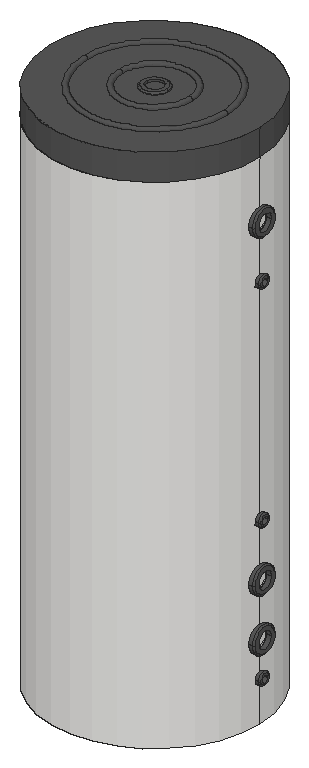
Revit family "S-tank_ET", category Оборудование, Revit 2019
Family settings
  Размер круглого соединителя = Использовать диаметр
  Классификация = Нет
  Тип детали = Нормальный
  На основе рабочей плоскости = Нет
  Всегда вертикально = Да
  При загрузке вырезать с полостями = Нет
  Общий = Нет
  Точка расчета площади = Нет
Parameters (values of type "ET300")
  Разработка семейств = ""
  Диаметрсизоляцией = 630 mm
  shrf = 17.5 mm
  rd [instance] = Диаметрсизоляцией / 2  # 315 mm
  a = Диаметрсизоляцией / 6  # 105 mm
  I = 1350 mm
  H = 1600 mm
  E = 1190 mm
  DN2 = 15 mm
  DN1 = 40 mm
  D = 550 mm
  C = 390 mm
  B = 230 mm
  ADSK_Примечание [instance] = ""
  ADSK_Позиция [instance] = ""
  ADSK_Обозначение = "ET300"
  ADSK_Наименование краткое [instance] = "БE"
  ADSK_Наименование = "Буферная емкость"
  ADSK_Масса_Текст [instance] = ""
  ADSK_Масса = 65
  ADSK_Марка = "ET 300"
  ADSK_Количество [instance] = 1  # constant formula
  ADSK_Код изделия = "1.2001"
  ADSK_Завод-изготовитель = "ООО “С-ТЭНК ВОТЕР ХИТЕРС”"
  ADSK_Единица измерения = "шт."  # constant formula
  ADSK_Группирование = "Оборудование"
  ADSK_URL документации изделия = "http://s-tank.ru/et/"
  A = 125 mm
Types (9, lengths in mm): name | Диаметрсизоляцией | rd | a | I | H | E | D | C | B | ADSK_Обозначение | ADSK_Масса | ADSK_Марка | ADSK_Код изделия | A
  ET300 | 630 | 315 | 105 | 1350 | 1600 | 1190 | 550 | 390 | 230 | "ET300" | 65 | "ET 300" | "1.2001" | 125
  ET500 | 780 | 390 | 130 | 1345 | 1605 | 1185 | 545 | 385 | 225 | "ET500" | 87 | "ET 500" | "1.2002" | 122
  ET750 | 920 | 460 | 153.333 | 1335 | 1630 | 1175 | 535 | 375 | 215 | "ET750" | 103 | "ET 750" | "1.2003" | 117
  ET1000 | 920 | 460 | 153.333 | 1920 | 2205 | 1675 | 695 | 450 | 205 | "ET1000" | 131 | "ET 1000" | "1.2004" | 117
  ET1200 | 1070 | 535 | 178.333 | 1665 | 2080 | 1475 | 645 | 455 | 265 | "ET1200" | 174 | "ET 1200" | "1.2005" | 177
  ET1500 | 1070 | 535 | 178.333 | 2015 | 2370 | 1775 | 745 | 505 | 265 | "ET1500" | 200 | "ET 1500" | "1.2006" | 177
  ET2000 | 1350 | 675 | 225 | 1750 | 2100 | 1560 | 730 | 540 | 350 | "ET2000" | 246 | "ET 2000" | "1.2007" | 250
  ET3000 | 1630 | 815 | 271.667 | 1865 | 2315 | 1675 | 845 | 655 | 465 | "ET3000" | 450 | "ET 3000" | "1.2008" | 332
  ET5000 | 1630 | 815 | 271.667 | 2615 | 2315 | 2315 | 1065 | 765 | 465 | "ET5000" | 615 | "ET 5000" | "1.2009" | 332
Reference planes
  plane 1 "По центру (Вперед/Назад)": y = 0
  plane 2: z = 0
  plane 3 "По центру (Влево/Вправо)": x = 0
  plane 4: z = 125
  plane 5: z = 230
  plane 6: z = 390
  plane 7: z = 550
  plane 8: z = 1600
  plane 9: x = 315
  plane 10: x = -315
  plane 11: x = 105
  plane 12: x = 210
  plane 13: y = -315
  plane 14: y = 315
  plane 15: z = 1190
  plane 16: z = 1350
Forms (mm)
  Extrusion 1, solid, material "RB_Серая порошковая"
    sketch origin (0, 0, 0) x (1, 0, 0) y (0, 1, 0)
      loop
        circle (0, 0) r 315
    from 0 to 1520
  Extrusion 2, solid, material "RB_Черный пластик"
    sketch origin (0, 0, 0) x (1, 0, 0) y (0, 1, 0)
      loop
        circle (0, 0) r 315
    from 1520 to 1600
  Revolve 3, solid, material "RB_Черный пластик"
    sketch origin (0, 0, 0) x (1, 0, 0) y (0, 0, 1)
      loop
        line (97.5, 1600) -> (112.5, 1600)
        arc (112.5, 1600) -> (105, 1607.5) -> (97.5, 1600) r 7.5
      loop
        line (202.5, 1600) -> (217.5, 1600)
        arc (217.5, 1600) -> (210, 1607.5) -> (202.5, 1600) r 7.5
      axis (0, 1600) -> (0, 1601)
    angle from 0 to 360
  Extrusion 4, solid, material "Пластик синий", not visible
    sketch origin (-10, 0, 0) x (1, 0, 0) y (0, 0, 1)
      loop
        arc (-214.477, 2447.343) -> (-231.977, 2440.094) -> (-239.226, 2422.594) r 24.749
        line (-239.226, 2422.594) -> (-239.226, 2312.833)
        arc (-239.226, 2312.833) -> (-231.977, 2295.333) -> (-214.477, 2288.085) r 24.749
        line (-214.477, 2288.085) -> (236.536, 2288.085)
        arc (236.536, 2288.085) -> (254.036, 2295.333) -> (261.285, 2312.833) r 24.749
        line (261.285, 2312.833) -> (261.285, 2420.032)
        arc (261.285, 2420.032) -> (253.285, 2439.344) -> (233.974, 2447.343) r 27.311
        line (233.974, 2447.343) -> (-214.477, 2447.343)
      loop
        arc (-214.477, 2439.053) -> (-226.115, 2434.232) -> (-230.936, 2422.594) r 16.459
        line (-230.936, 2422.594) -> (-230.936, 2331.316) -> (252.994, 2331.316) -> (252.994, 2420.032)
        arc (252.994, 2420.032) -> (247.423, 2433.482) -> (233.974, 2439.053) r 19.021
        line (233.974, 2439.053) -> (-214.477, 2439.053)
      loop
        line (-115.968, 2397.309) -> (-115.968, 2379.809) -> (-65.968, 2379.809) -> (-65.968, 2397.309) -> (-115.968, 2397.309)
      loop
        line (-35.422, 2407.249) -> (-35.422, 2351.314) -> (-17.922, 2351.314) -> (-17.922, 2407.249) -> (3.349, 2407.249) -> (10.977, 2424.749) -> (-55.778, 2424.749) -> (-55.778, 2407.249) -> (-35.422, 2407.249)
      loop
        line (-4.413, 2351.314) -> (16.363, 2351.314) -> (21.205, 2358.883) -> (45.502, 2358.883) -> (45.502, 2351.314) -> (63.002, 2351.314) -> (63.002, 2377.816) -> (33.319, 2377.816) -> (45.396, 2396.692) -> (45.396, 2384.046) -> (62.896, 2384.046) -> (62.896, 2407.227)
        arc (62.896, 2407.227) -> (56.009, 2420.523) -> (41.176, 2422.567) r 16.277
        line (41.176, 2422.567) -> (-4.413, 2351.314)
      loop
        line (86.328, 2400.911) -> (116.793, 2357.872)
        arc (116.793, 2357.872) -> (128.592, 2352.604) -> (138.978, 2360.291) r 12.812
        line (138.978, 2360.291) -> (138.978, 2425.291) -> (121.478, 2425.291) -> (121.478, 2377.488) -> (92.799, 2417.763)
        arc (92.799, 2417.763) -> (79.669, 2423.404) -> (68.828, 2414.092) r 13.5
        line (68.828, 2414.092) -> (68.828, 2351.314) -> (86.328, 2351.314) -> (86.328, 2400.911)
      loop
        line (148.978, 2425.291) -> (148.978, 2351.314) -> (166.478, 2351.314) -> (166.478, 2387.9) -> (192.095, 2351.314) -> (210.407, 2351.314) -> (181.682, 2392.337) -> (202.618, 2425.291) -> (184.847, 2425.291) -> (166.478, 2396.377) -> (166.478, 2425.291) -> (148.978, 2425.291)
    from 759.938 to 875
  Extrusion 5, solid, material "Пластик красный", not visible
    sketch origin (-10, 0, 0) x (1, 0, 0) y (0, 0, 1)
      loop
        line (-183.191, 2407.249) -> (-125.538, 2407.249)
        arc (-125.538, 2407.249) -> (-123.959, 2408.615) -> (-124.451, 2410.643) r 2.004
        line (-124.451, 2410.643) -> (-138.593, 2424.749) -> (-178.435, 2424.749)
        arc (-178.435, 2424.749) -> (-183.852, 2416.825) -> (-183.191, 2407.249) r 14.627
      loop
        line (-178.104, 2401.129) -> (-146.323, 2368.814) -> (-182.715, 2368.814)
        arc (-182.715, 2368.814) -> (-184.77, 2366.956) -> (-184.098, 2364.267) r 2.693
        line (-184.098, 2364.267) -> (-171.109, 2351.314) -> (-128.051, 2351.314)
        arc (-128.051, 2351.314) -> (-118.918, 2357.483) -> (-121.231, 2368.259) r 9.845
        line (-121.231, 2368.259) -> (-153.559, 2401.129) -> (-178.104, 2401.129)
    from -875 to 875
Lines and regions (mm)
  reference lines
    curve 1: line (315, 0, 51.978) -> (315, 0, -48.022)
Dimensions and locks
  "H": plane 8 to plane 2
  "D": plane 7 to plane 2
  "C": plane 6 to plane 2
  "B": plane 5 to plane 2
  "A": plane 4 to plane 2
  "Диаметрсизоляцией": plane 9 to plane 10
  equal spacing: plane 9, plane 3 "По центру (Влево/Вправо)", plane 10
  "a": plane 11 to plane 3 "По центру (Влево/Вправо)"
  "a": plane 12 to plane 11
  equal spacing: Revolve 3 sketch curve, plane 11, Revolve 3 sketch curve
  equal spacing: Revolve 3 sketch curve, plane 12, Revolve 3 sketch curve
  Revolve 3 sketch curve to Revolve 3 sketch curve = 15 mm  (x2)
  "shrf": Extrusion 4 sketch curve to Extrusion 4 sketch curve  (x11)
  Extrusion 4 sketch curve to Extrusion 4 sketch curve = 15 mm  (x2)
  "shrf": Extrusion 5 sketch curve to Extrusion 5 sketch curve  (x3)
  equal spacing: plane 14, plane 1 "По центру (Вперед/Назад)", plane 13
  "Диаметрсизоляцией": plane 14 to plane 13
  locked: Extrusion 2 to plane 8 at 80
  "E": plane 15 to level
  "I": plane 16 to level
  "Диаметрсизоляцией": diameter of Extrusion 1 sketch curve
  "Диаметрсизоляцией": diameter of Extrusion 2 sketch curve
  aligned and locked: level to plane 2
  aligned and locked: Extrusion 4 sketch curve to Extrusion 4 sketch curve  (x3)
  aligned and locked: Extrusion 4 to Extrusion 5 sketch curve
  aligned and locked: Extrusion 5 sketch curve to Extrusion 4
  aligned and locked: nested 1 to plane 1 "По центру (Вперед/Назад)"
  aligned and locked: nested 2 to plane 4
  aligned and locked: nested 1 to plane 5
  aligned and locked: nested 4 to plane 6
  aligned and locked: nested 3 to plane 7
  aligned and locked: curve 1 to nested 3
  aligned and locked: curve 1 to nested 4
  aligned and locked: curve 1 to nested 1
  aligned and locked: curve 1 to nested 2
  aligned and locked: curve 1 to plane 9
  aligned and locked: nested 5 to plane 1 "По центру (Вперед/Назад)"
  aligned and locked: nested 5 to plane 8
  aligned and locked: Extrusion 2 to plane 8
  aligned and locked: Extrusion 1 to Extrusion 2
  aligned and locked: plane 15 to nested 6
  aligned and locked: plane 16 to nested 7
  aligned and locked: curve 1 to nested 6
  aligned and locked: curve 1 to nested 7
Automatic sketch dimensions
  Extrusion 4 sketch curve to Extrusion 4 sketch curve = 0 mm  (x12)
  Extrusion 4 sketch curve to Extrusion 4 sketch curve = 8.29 mm
  Extrusion 4 sketch curve to Extrusion 4 sketch curve = 16.459 mm  (x3)
  Extrusion 4 sketch curve to Extrusion 4 sketch curve = 98.509 mm
  Extrusion 4 sketch curve to Extrusion 4 sketch curve = 50 mm
  Extrusion 4 sketch curve to Extrusion 4 sketch curve = 10.19 mm
  Extrusion 4 sketch curve to Extrusion 4 sketch curve = 20.356 mm
  Extrusion 4 sketch curve to Extrusion 4 sketch curve = 13.509 mm
  Extrusion 4 sketch curve to Extrusion 4 sketch curve = 4.843 mm
  Extrusion 4 sketch curve to Extrusion 4 sketch curve = 12.113 mm
  Extrusion 4 sketch curve to Extrusion 4 sketch curve = 30.199 mm
  Extrusion 4 sketch curve to Extrusion 4 sketch curve = 12.078 mm
  Extrusion 4 sketch curve to Extrusion 4 sketch curve = 12.183 mm
  Extrusion 4 sketch curve to Extrusion 4 sketch curve = 1.223 mm
  Extrusion 4 sketch curve to Extrusion 4 sketch curve = 5.932 mm
  Extrusion 4 sketch curve to Extrusion 4 sketch curve = 4.616 mm
  Extrusion 4 sketch curve to Extrusion 4 sketch curve = 11.087 mm
  Extrusion 4 sketch curve to Extrusion 4 sketch curve = 30.465 mm
  Extrusion 4 sketch curve to Extrusion 4 sketch curve = 4.684 mm
  Extrusion 4 sketch curve to Extrusion 4 sketch curve = 11.775 mm
  Extrusion 4 sketch curve to Extrusion 4 sketch curve = 10 mm
  Extrusion 4 sketch curve to Extrusion 4 sketch curve = 15.205 mm
  Extrusion 4 sketch curve to Extrusion 4 sketch curve = 18.369 mm
  Extrusion 4 sketch curve to Extrusion 4 sketch curve = 25.618 mm
  Extrusion 4 sketch curve to Extrusion 4 sketch curve = 17.771 mm
  Extrusion 4 sketch curve to Extrusion 4 sketch curve = 18.312 mm
  Extrusion 4 sketch curve to Extrusion 4 sketch curve = 31.356 mm
  Extrusion 4 sketch curve to Extrusion 4 sketch curve = 18.483 mm
  Extrusion 4 sketch curve to Extrusion 4 sketch curve = 38.481 mm
  Extrusion 4 sketch curve to Extrusion 4 sketch curve = 6.557 mm
  Extrusion 4 sketch curve to Extrusion 4 sketch curve = 8.977 mm
  Extrusion 4 sketch curve to Extrusion 4 sketch curve = 12.148 mm
  Extrusion 4 sketch curve to Extrusion 4 sketch curve = 28.495 mm
  Extrusion 4 sketch curve to Extrusion 4 sketch curve = 12.647 mm
  Extrusion 4 sketch curve to Extrusion 4 sketch curve = 6.316 mm
  Extrusion 4 sketch curve to Extrusion 4 sketch curve = 15.318 mm
  Extrusion 4 sketch curve to Extrusion 4 sketch curve = 9.148 mm
  Extrusion 4 sketch curve to Extrusion 4 sketch curve = 6.865 mm
  Extrusion 4 sketch curve to Extrusion 4 sketch curve = 5.259 mm
  Extrusion 4 sketch curve to Extrusion 4 sketch curve = 28.915 mm
  Extrusion 5 sketch curve to Extrusion 5 sketch curve = 0.908 mm
  Extrusion 5 sketch curve to Extrusion 5 sketch curve = 1.383 mm
  Extrusion 5 sketch curve to Extrusion 5 sketch curve = 1.904 mm
  Extrusion 5 sketch curve to Extrusion 5 sketch curve = 4.756 mm
  Extrusion 5 sketch curve to Extrusion 5 sketch curve = 5.086 mm
  Extrusion 5 sketch curve to Extrusion 5 sketch curve = 12.989 mm
  Extrusion 5 sketch curve to Extrusion 5 sketch curve = 8.698 mm
  Extrusion 5 sketch curve to Extrusion 5 sketch curve = 16.177 mm
  Extrusion 5 sketch curve to Extrusion 5 sketch curve = 24.787 mm
  Extrusion 5 sketch curve to Extrusion 5 sketch curve = 14.966 mm
  Extrusion 5 sketch curve to Extrusion 5 sketch curve = 18.272 mm
  Extrusion 5 sketch curve to Extrusion 5 sketch curve = 12.725 mm
  Extrusion 5 sketch curve to Extrusion 5 sketch curve = 0.33 mm
  Extrusion 5 sketch curve to Extrusion 5 sketch curve = 1.417 mm
  Extrusion 5 sketch curve to Extrusion 5 sketch curve = 6.82 mm
  Extrusion 5 sketch curve to Extrusion 5 sketch curve = 4.547 mm
  Extrusion 5 sketch curve to Extrusion 5 sketch curve = 1.977 mm
  Extrusion 4 sketch curve to Extrusion 4 sketch curve = 21.271 mm
  Extrusion 4 sketch curve to Extrusion 4 sketch curve = 7.628 mm
  Extrusion 4 sketch curve to Extrusion 4 sketch curve = 20.775 mm
  Extrusion 4 sketch curve to Extrusion 4 sketch curve = 26.129 mm
  Revolve 3 sketch curve to plane 3 "По центру (Влево/Вправо)" = 0 mm
  Revolve 3 sketch curve to plane 8 = 0 mm  (x2)
  Revolve 3 sketch curve to plane 8 = 100 mm
  Revolve 3 sketch curve to Revolve 3 sketch curve = 220 mm
  curve 1 to level = 48.022 mm
  level to curve 1 = 51.978 mm
  plane 1 "По центру (Вперед/Назад)" to Extrusion 1 sketch curve = 0 mm
  Extrusion 1 sketch curve to plane 3 "По центру (Влево/Вправо)" = 0 mm
  plane 1 "По центру (Вперед/Назад)" to Extrusion 2 sketch curve = 0 mm
  Extrusion 2 sketch curve to plane 3 "По центру (Влево/Вправо)" = 0 mm
Nested families
  nested 1: "патрубок" at (315, 0, 230) x (0, 1, 0) z (0, 0, 1), DN <- "DN1", type "патрубок"
    with ВР no, L2 15 mm, L1 30 mm, Dv 50 mm, Dtv 44 mm, Dt 48 mm, Dn 80 mm, DN 40 mm
  nested 2: "патрубок" at (315, 0, 125) x (0, 1, 0) z (0, 0, 1), DN <- "DN2", type "патрубок"
    with ВР no, L2 15 mm, L1 30 mm, Dv 23.3 mm, Dtv 17.3 mm, Dt 21.3 mm, Dn 37.28 mm, DN 15 mm
  nested 3: "патрубок" at (315, 0, 550) x (0, 1, 0) z (0, 0, 1), DN <- "DN2", type "патрубок"
    with ВР no, L2 15 mm, L1 30 mm, Dv 23.3 mm, Dtv 17.3 mm, Dt 21.3 mm, Dn 37.28 mm, DN 15 mm
  nested 4: "патрубок" at (315, 0, 390) x (0, 1, 0) z (0, 0, 1), DN <- "DN1", type "патрубок"
    with ВР no, L2 15 mm, L1 30 mm, Dv 50 mm, Dtv 44 mm, Dt 48 mm, Dn 80 mm, DN 40 mm
  nested 5: "патрубок" at (0, 0, 1589.119) x (1, 0, 0) z (0, 1, 0), type "патрубок"
    with ВР no, L2 15 mm, L1 30 mm, Dv 50 mm, Dtv 44 mm, Dt 48 mm, Dn 80 mm, DN 40 mm
  nested 6: "патрубок" at (315, 0, 1190) x (0, 1, 0) z (0, 0, 1), DN <- "DN2", type "патрубок"
    with ВР no, L2 15 mm, L1 30 mm, Dv 23.3 mm, Dtv 17.3 mm, Dt 21.3 mm, Dn 37.28 mm, DN 15 mm
  nested 7: "патрубок" at (315, 0, 1350) x (0, 1, 0) z (0, 0, 1), DN <- "DN1", type "патрубок"
    with ВР no, L2 15 mm, L1 30 mm, Dv 50 mm, Dtv 44 mm, Dt 48 mm, Dn 80 mm, DN 40 mm
Connectors
  piping at (0, 0, 1589.119), diameter 40, driven by "DN1"
    settings: on nested 5, index 21, connector inside diameter 609.6 mm, connector length 0 mm, flow factor 0, pipe flow 0.0 L/s, pressure drop 0.0 Pa, fitting loss kfactor 0, connector angle 0.00°, fixture units 0, engagement length 0 mm, angle of deflection 0.00°, flow configuration 0, flow direction 2, fitting loss method 0, system type 7, joint type 0, gender type 0, connector reference index -1, connector utility 0, adjustable connector no, is connector primary yes, connector description ""
  piping at (315, 0, 125), diameter 15, driven by "DN2"
    settings: on nested 2, index 22, connector inside diameter 609.6 mm, connector length 0 mm, flow factor 0, pipe flow 0.0 L/s, pressure drop 0.0 Pa, fitting loss kfactor 0, connector angle 0.00°, fixture units 0, engagement length 0 mm, angle of deflection 0.00°, flow configuration 0, flow direction 0, fitting loss method 0, system type 29, joint type 0, gender type 0, connector reference index -1, connector utility 0, adjustable connector no, is connector primary no, connector description ""
  piping at (315, 0, 230), diameter 40, driven by "DN1"
    settings: on nested 1, index 23, connector inside diameter 609.6 mm, connector length 0 mm, flow factor 0, pipe flow 0.0 L/s, pressure drop 0.0 Pa, fitting loss kfactor 0, connector angle 0.00°, fixture units 0, engagement length 0 mm, angle of deflection 0.00°, flow configuration 0, flow direction 0, fitting loss method 0, system type 8, joint type 0, gender type 0, connector reference index -1, connector utility 0, adjustable connector no, is connector primary no, connector description ""
  piping at (315, 0, 390), diameter 40, driven by "DN1"
    settings: on nested 4, index 24, connector inside diameter 609.6 mm, connector length 0 mm, flow factor 0, pipe flow 0.0 L/s, pressure drop 0.0 Pa, fitting loss kfactor 0, connector angle 0.00°, fixture units 0, engagement length 0 mm, angle of deflection 0.00°, flow configuration 0, flow direction 0, fitting loss method 0, system type 8, joint type 0, gender type 0, connector reference index -1, connector utility 0, adjustable connector no, is connector primary no, connector description ""
  piping at (315, 0, 550), diameter 15, driven by "DN2"
    settings: on nested 3, index 25, connector inside diameter 609.6 mm, connector length 0 mm, flow factor 0, pipe flow 0.0 L/s, pressure drop 0.0 Pa, fitting loss kfactor 0, connector angle 0.00°, fixture units 0, engagement length 0 mm, angle of deflection 0.00°, flow configuration 0, flow direction 2, fitting loss method 0, system type 29, joint type 0, gender type 0, connector reference index -1, connector utility 0, adjustable connector no, is connector primary no, connector description ""
  piping at (315, 0, 1190), diameter 15, driven by "DN2"
    settings: on nested 6, index 26, connector inside diameter 609.6 mm, connector length 0 mm, flow factor 0, pipe flow 0.0 L/s, pressure drop 0.0 Pa, fitting loss kfactor 0, connector angle 0.00°, fixture units 0, engagement length 0 mm, angle of deflection 0.00°, flow configuration 0, flow direction 0, fitting loss method 0, system type 29, joint type 0, gender type 0, connector reference index -1, connector utility 0, adjustable connector no, is connector primary no, connector description ""
  piping at (315, 0, 1350), diameter 40, driven by "DN1"
    settings: on nested 7, index 27, connector inside diameter 609.6 mm, connector length 0 mm, flow factor 0, pipe flow 0.0 L/s, pressure drop 0.0 Pa, fitting loss kfactor 0, connector angle 0.00°, fixture units 0, engagement length 0 mm, angle of deflection 0.00°, flow configuration 0, flow direction 1, fitting loss method 0, system type 7, joint type 0, gender type 0, connector reference index -1, connector utility 0, adjustable connector no, is connector primary no, connector description ""
Definition of nested family "патрубок"
  Parameters (values of type "патрубок")
    ВР [instance] = yes
    L2 [instance] = if(ВР, L1 + 20 mm, L1 - 15 mm)  # 50 mm
    L1 [instance] = 30 mm
    Dv [instance] = Dt + 2 mm  # 50 mm
    Dtv [instance] = Dt - 4 mm  # 44 mm
    Dt [instance] = if(DN = 15 mm, 21.3 mm, if(DN = 20 mm, 26.8 mm, if(DN = 25 mm, 33.5 mm, if(DN = 32 mm, 42.3 mm, if(DN = 40 mm, 48 mm, if(DN = 50 mm, 60 mm, 15 mm))))))  # 48 mm
    Dn [instance] = Dv * 1.6  # 80 mm
    DN [instance] = 40 mm
    2 = none
    1 = none
  Reference planes
    plane 1 "По центру (Вперед/Назад)": y = 0
    plane 2: z = 0
    plane 3 "По центру (Влево/Вправо)": x = 0
  Forms (mm)
    Extrusion 1, solid, material <- "1"
      sketch origin (0, 0, 0) x (1, 0, 0) y (0, 0, 1)
        loop
          circle (0, 0) r 40
        loop
          circle (0, 0) r 25
      from -15 to 15
    Extrusion 2, solid, material <- "2"
      sketch origin (0, 0, 0) x (1, 0, 0) y (0, 0, 1)
        loop
          circle (0, 0) r 24
        loop
          circle (0, 0) r 22
      from -15 to 35
    Sweep 3, void
      path in 3D
        loop
          arc (40, -15, 0) -> (0, -15, -40) -> (-40, -15, 0) r 40
          arc (-40, -15, 0) -> (0, -15, 40) -> (40, -15, 0) r 40
      profile origin (0, -15, 40) x (0, 0, 1) y (0, -1, 0)
        loop
          line (0, -4.119) -> (0, 0) -> (-4.119, 0) -> (0, -4.119)
  Cuts and joins
    Sweep 3 cuts Extrusion 1
  Lines and regions (mm)
    sketch lines
      curve 1: arc (-40, -15, 0) -> (0, -15, 40) -> (40, -15, 0) r 40
      curve 2: arc (40, -15, 0) -> (0, -15, -40) -> (-40, -15, 0) r 40
  Dimensions and locks
    "L1": Extrusion 1 to Extrusion 1
    equal spacing: Extrusion 1, plane 1 "По центру (Вперед/Назад)", Extrusion 1
    "L2": Extrusion 1 to Extrusion 2
    "Dn": diameter of Extrusion 1 sketch curve
    "Dv": diameter of Extrusion 1 sketch curve
    "Dt": diameter of Extrusion 2 sketch curve
    "Dtv": diameter of Extrusion 2 sketch curve
    locked: profile plane to Sweep 3 sketch curve (angle 45.00°)
    aligned and locked: level to plane 2
    aligned and locked: Extrusion 1 to Extrusion 2
    aligned and locked: Sweep 3 sketch curve to profile plane
    aligned and locked: profile plane to Sweep 3 sketch curve
  Automatic sketch dimensions
    profile plane to Sweep 3 sketch curve = 4.119 mm
    Extrusion 1 sketch curve to Extrusion 1 sketch curve = 0 mm  (x2)
    Extrusion 1 sketch curve to level = 0 mm
    Extrusion 1 sketch curve to plane 3 "По центру (Влево/Вправо)" = 0 mm
    Extrusion 2 sketch curve to Extrusion 2 sketch curve = 0 mm  (x2)
    Extrusion 2 sketch curve to level = 0 mm
    Extrusion 2 sketch curve to plane 3 "По центру (Влево/Вправо)" = 0 mm
